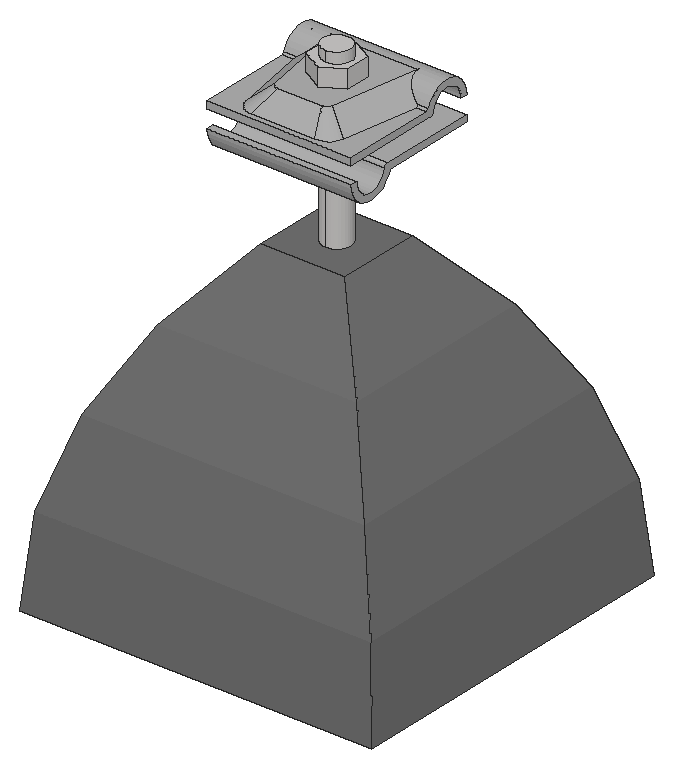
Revit family "DF_ДержательЗажим_Пруток-Пруток_Оцинк_СБетоном_71915_EZETEK", category Соединительные детали воздуховодов, Revit 2017
Family settings
  Размер круглого соединителя = Использовать радиус
  Тип детали = Крестовина
  На основе рабочей плоскости = Нет
  Всегда вертикально = Да
  При загрузке вырезать с полостями = Нет
  Общий = Нет
Parameters (values of type "ДержательЗажим_Пруток-Пруток_Оцинк_СБетоном_71915")
  Угол = 90.00°  # constant formula
  Тип = FA_ДержательЗажим_Пруток-Пруток_Оцинк_СБетоном_71915_EZETEK : ДержательЗажим_Пруток-Пруток_Оцинк_СБетоном_71915
  СфераОшибки [instance] = or(ADSK_Размер_Радиус > 5.0 mm, ADSK_Размер_Радиус < 4.0 mm)  # no
  Смещение_Коннекторы_По горизонтали [instance] = if(Графика_Сместить_ПоГоризонтали, 13.5 mm, 0.0 mm)  # 13.5 mm
  Смещение_Коннекторы_По вертикали [instance] = if(Графика_Сместить_ПоВертикали, 2.5 mm, 0.0 mm)  # 2.5 mm
  Смещение_Коннекторы_Длина [instance] = if(Графика_Сместить_ПоДлине, 50.0 mm, 1.0 mm)  # 50.0 mm
  Предупреждение [instance] = if(СфераОшибки, "Допустимые диаметры стержней: 8, 10", "")  # ""
  Описание = "Держатель-зажим применяется для закрепления прутков молниезащитной сетки диаметром 8-10 мм на плоских кровлях. Изделие выполнено на основе бетонного утяжелителя массой 1 кг. Проводники надежно закрепляются на кровле под собственным весом утяжелителя. В состав изделия входит зажим из оцинкованной стали для соединения прутка в перпендикулярном направлении, в параллельном направлении, а также под произвольным углом с помощью болтового соединения. Для крепления изделия возможно применение клеевых составов (жидкие гвозди и т.п.)."  # constant formula
  Производитель_Контакты = "ezetek@ezetek.ru"  # constant formula
  built-in parameter 1114242 [instance] = 1 = 0  # (empty or 0)
  Изготовитель = "Ezetek"  # constant formula
  Группа модели = "Держатели"  # constant formula
  Графика_Сместить_ПоДлине [instance] = yes
  Графика_Сместить_ПоГоризонтали [instance] = yes
  Графика_Сместить_ПоВертикали [instance] = yes
  URL = "https://ezetek.ru/"
  R_Error [instance] = 1.0 mm  # constant formula
  R [instance] = if(ADSK_Размер_Радиус > 5.0 mm, 5.0 mm, if(ADSK_Размер_Радиус < 4.0 mm, 4.0 mm, R_Error))  # 1.0 mm
  ADSK_Этаж [instance] = ""
  ADSK_Размер_Радиус [instance] = 5.0 mm
  ADSK_Размер_Диаметр [instance] = ADSK_Размер_Радиус * 2  # 10.0 mm
  ADSK_Примечание [instance] = "Неспецифицируемое"  # constant formula
  ADSK_Позиция [instance] = "Неспецифицируемое"  # constant formula
  ADSK_Обозначение = "Неспецифицируемое"  # constant formula
  ADSK_Наименование краткое [instance] = "Неспецифицируемое"  # constant formula
  ADSK_Наименование = "Неспецифицируемое"  # constant formula
  ADSK_Материал = BIMLIB_Сталь_Оцинкованная_EZETEK
  ADSK_Масса_Текст = "Неспецифицируемое"  # constant formula
  ADSK_Масса = 0  # constant formula
  ADSK_Марка = "Неспецифицируемое"  # constant formula
  ADSK_Количество = 0  # constant formula
  ADSK_Код изделия = "Неспецифицируемое"  # constant formula
  ADSK_Завод-изготовитель = "Неспецифицируемое"  # constant formula
  ADSK_Единица измерения = "Неспецифицируемое"  # constant formula
  ADSK_Группирование [instance] = ""
  ADSK_Версия Revit = "2017"  # constant formula
Reference planes
  plane 1 "По центру (Вперед/Назад)": y = 0
  plane 2: z = 0
  plane 3 "По центру (Влево/Вправо)": x = 0
  plane 4 "в": z = 2.5
  plane 5 "н": z = -2.5
  plane 6: y = 13.5
  plane 7: y = -13.5
Forms (mm)
  Revolve 1, solid, visible <- "СфераОшибки"
    sketch origin (0, 0, 0) x (1, 0, 0) y (0, 1, 0)
      loop
        arc (1, 0) -> (0, 1) -> (-1, 0) r 1
        line (-1, 0) -> (1, 0)
      axis (1, 0) -> (-1, 0)
    angle from 0 to 360
Lines and regions (mm)
  reference lines
    curve 1: line (50, 13.5, 2.5) -> (-1.016, 13.5, 2.5)
    curve 2: line (1.016, -13.5, -2.5) -> (-50, -13.5, -2.5)
Dimensions and locks
  "Смещение_Коннекторы_По вертикали": plane 2 to plane 5 "н"
  "Смещение_Коннекторы_По вертикали": plane 4 "в" to plane 2
  curve 1 to curve 1 = 0.0 mm
  curve 2 to curve 2 = 0.0 mm
  "Смещение_Коннекторы_По горизонтали": plane 6 to plane 1 "По центру (Вперед/Назад)"
  "Смещение_Коннекторы_По горизонтали": plane 7 to plane 1 "По центру (Вперед/Назад)"
  locked: curve 1 to plane 3 "По центру (Влево/Вправо)" at 1.016
  "Смещение_Коннекторы_Длина": plane 3 "По центру (Влево/Вправо)" to curve 1
  "Смещение_Коннекторы_Длина": curve 2 to plane 3 "По центру (Влево/Вправо)"
  locked: plane 3 "По центру (Влево/Вправо)" to curve 2 at 1.016
  "R_Error": radius of Revolve 1 sketch curve
  aligned and locked: level to plane 2
  aligned and locked: plane 1 "По центру (Вперед/Назад)" to Revolve 1 sketch curve  (x2)
  aligned and locked: curve 1 to plane 4 "в"
  aligned and locked: curve 1 to plane 6
  aligned and locked: curve 2 to plane 7
Automatic sketch dimensions
  plane 1 "По центру (Вперед/Назад)" to Revolve 1 sketch curve = 0.0 mm
  Revolve 1 sketch curve to plane 3 "По центру (Влево/Вправо)" = 0.0 mm
  Revolve 1 sketch curve to Revolve 1 sketch curve = 0.294 mm
  Revolve 1 sketch curve to Revolve 1 sketch curve = 5.119 mm
Nested families
  nested 1: "FA_ДержательЗажим_Пруток-Пруток_Оцинк_СБетоном_71915_EZETEK" at (0, 0, 0) x (0, 1, 0) z (0, 0, 1), ADSK_Группирование <- "ADSK_Группирование", ADSK_Этаж <- "ADSK_Этаж", type <- "Тип", type "ДержательЗажим_Пруток-Пруток_Оцинк_СБетоном_71915", detail levels fine
    with Использовать масштаб аннотаций 0, ADSK_Этаж "", ADSK_Примечание "", ADSK_Позиция "", ADSK_Наименование краткое "Держатель-зажим с бетоном", ADSK_Группирование ""
Connectors
  hvac at (50, 13.5, 2.5), driven by "ADSK_Размер_Радиус"
    settings: on curve 1, index 1, duct flow 0.0 L/s, flow factor 0, pres drop 0.0 Pa, loss coef 0, conn angle 0.00°, conn width 304.8 mm, conn height 304.8 mm, conn diameter 10 mm, duct sys type 1, conn prof type 0, flow config 0, flow direction 0, loss method 0, conn ref index 2, conn util no, is conn primary yes, conn desc ""
  hvac at (-50, -13.5, -2.5), driven by "ADSK_Размер_Радиус"
    settings: on curve 2, index 2, duct flow 0.0 L/s, flow factor 0, pres drop 0.0 Pa, loss coef 0, conn angle 0.00°, conn width 304.8 mm, conn height 304.8 mm, conn diameter 10 mm, duct sys type 1, conn prof type 0, flow config 0, flow direction 0, loss method 0, conn ref index 1, conn util no, is conn primary no, conn desc ""
Definition of nested family "FA_ДержательЗажим_Пруток-Пруток_Оцинк_СБетоном_71915_EZETEK"
  Parameters (values of type "ДержательЗажим_Пруток-Пруток_Оцинк_СБетоном_71915")
    Угол = 90.00°  # constant formula
    Производитель_Контакты = "ezetek@ezetek.ru"  # constant formula
    Description = "Держатель-зажим применяется для закрепления прутков молниезащитной сетки диаметром 8-10 мм на плоских кровлях. Изделие выполнено на основе бетонного утяжелителя массой 1 кг. Проводники надежно закрепляются на кровле под собственным весом утяжелителя. В состав изделия входит зажим из оцинкованной стали для соединения прутка в перпендикулярном направлении, в параллельном направлении, а также под произвольным углом с помощью болтового соединения. Для крепления изделия возможно применение клеевых составов (жидкие гвозди и т.п.)."  # constant formula
    Использовать масштаб аннотаций [instance] = 1 = 0  # 0
    Manufacturer = "Ezetek"  # constant formula
    Model = "Держатели"  # constant formula
    URL = "https://ezetek.ru/"
    ADSK_Этаж [instance] = ""
    ADSK_Примечание [instance] = ""
    ADSK_Позиция [instance] = ""
    ADSK_Обозначение = "71925"
    ADSK_Наименование краткое [instance] = "Держатель-зажим с бетоном"
    ADSK_Наименование = "Держатель-зажим соединительный круглого проводника 8-10 мм, оцинк. с бетоном 3.5 кг"
    ADSK_Материал = none
    ADSK_Масса_Текст = "1.08"  # constant formula
    ADSK_Масса = 1.08  # constant formula
    ADSK_Марка = "71925"
    ADSK_Количество = 1  # constant formula
    ADSK_Код изделия = "71925"
    ADSK_Завод-изготовитель = "Ezetek"  # constant formula
    ADSK_Единица измерения = "шт."  # constant formula
    ADSK_Группирование [instance] = ""
    ADSK_Версия Revit = "2017"  # constant formula
  Reference planes
    plane 1 "По центру (Вперед/Назад)": y = 0
    plane 2: z = 0
    plane 3 "По центру (Влево/Вправо)": x = 0
    plane 4: z = 2.5
    plane 5: z = -2.5
    plane 6: y = 20.5
    plane 7: y = -20.5
    plane 8: z = 14.471
    plane 9: x = -20.5
    plane 10: x = 20.5
    plane 11: y = 50
    plane 12: y = -50
    plane 13: x = -50
    plane 14: x = 50
    plane 15: z = -122.665
  Forms (mm)
    Extrusion 1, solid, detail levels fine
      sketch origin (0, 0, 0) x (1, 0, 0) y (0, 1, 0)
        loop
          circle (0, 0) r 4
      from 17.335 to -32.707
    Extrusion 2, solid, detail levels fine
      sketch origin (52, 0, 6.471) x (1, 0, 0) y (0, 1, 0)
        loop
          line (-55.454, 5.982) -> (-58.907, 0) -> (-55.454, -5.982) -> (-48.546, -5.982) -> (-45.093, 0) -> (-48.546, 5.982) -> (-55.454, 5.982)
      from 3 to 8
    Blend 3, solid, material <- "ADSK_Материал", detail levels fine
      base sketch origin (-0.018, 0, 2.958) x (0, -1, 0) y (1, 0, 0)
        loop
          line (-17.873, 7.607) -> (-13.913, -14.85)
          arc (-13.913, -14.85) -> (-12.203, -17.812) -> (-8.989, -18.982) r 5
          line (-8.989, -18.982) -> (8.989, -18.982)
          arc (8.989, -18.982) -> (12.203, -17.812) -> (13.913, -14.85) r 5
          line (13.913, -14.85) -> (17.873, 7.607) -> (-17.873, 7.607)
      top sketch origin (-0.018, 0, 2.958) x (0, -1, 0) y (1, 0, 0)
        loop
          line (-12.582, 13.458) -> (-8.166, -11.582)
          arc (-8.166, -11.582) -> (-7.488, -12.757) -> (-6.214, -13.221) r 1.983
          line (-6.214, -13.221) -> (6.185, -13.221)
          arc (6.185, -13.221) -> (7.482, -12.749) -> (8.171, -11.554) r 2.017
          line (8.171, -11.554) -> (12.582, 13.458) -> (-12.582, 13.458)
      from 1.542 to 6.514
    Blend 4, solid, material <- "ADSK_Материал", detail levels fine
      base sketch origin (0.032, -0.06, -2.958) x (-1, 0, 0) y (0, -1, 0)
        loop
          line (7.777, 17.841) -> (-14.837, 13.853)
          arc (-14.837, 13.853) -> (-17.799, 12.143) -> (-18.969, 8.929) r 5
          line (-18.969, 8.929) -> (-18.969, -9.049)
          arc (-18.969, -9.049) -> (-17.799, -12.262) -> (-14.837, -13.973) r 5
          line (-14.837, -13.973) -> (7.777, -17.96) -> (7.777, 17.841)
      top sketch origin (0.032, -0.06, -2.958) x (-1, 0, 0) y (0, -1, 0)
        loop
          line (-11.673, -8.053) -> (13.339, -12.463) -> (13.339, 12.7) -> (-11.701, 8.285)
          arc (-11.701, 8.285) -> (-12.875, 7.607) -> (-13.339, 6.332) r 1.983
          line (-13.339, 6.332) -> (-13.339, -6.067)
          arc (-13.339, -6.067) -> (-12.867, -7.363) -> (-11.673, -8.053) r 2.017
      from -1.542 to -6.516
    Extrusion 5, solid, material <- "ADSK_Материал", detail levels fine
      sketch origin (0, 0, 0) x (1, 0, 0) y (0, 0, 1)
        loop
          arc (7.512, 2.5) -> (8.187, 2.746) -> (8.546, 3.367) r 1.049
          arc (8.546, 3.367) -> (13.905, 7.481) -> (18.47, 2.5) r 5
          line (18.47, 2.5) -> (20.47, 2.5)
          arc (20.47, 2.5) -> (14.706, 9.39) -> (6.907, 4.934) r 7
          arc (6.907, 4.934) -> (6.663, 4.619) -> (6.283, 4.5) r 0.665
          line (6.283, 4.5) -> (-20.5, 4.5) -> (-20.5, 2.5) -> (7.512, 2.5)
        loop
          arc (-7.542, -2.5) -> (-8.217, -2.746) -> (-8.576, -3.367) r 1.049
          arc (-8.576, -3.367) -> (-13.935, -7.481) -> (-18.5, -2.5) r 5
          line (-18.5, -2.5) -> (-20.5, -2.5)
          arc (-20.5, -2.5) -> (-14.736, -9.39) -> (-6.937, -4.934) r 7
          arc (-6.937, -4.934) -> (-6.693, -4.619) -> (-6.313, -4.5) r 0.665
          line (-6.313, -4.5) -> (20.47, -4.5) -> (20.47, -2.5) -> (-7.542, -2.5)
      from 20.5 to -20.5
    Sweep 6, solid, detail levels fine
      path origin (-94.456, 0, -122.665) x (0, 1, 0) y (-1, 0, 0)
        loop
          line (50, -44.456) -> (-50, -44.456) -> (-50, -144.456) -> (50, -144.456) -> (50, -44.456)
      profile origin (0, 50, -122.665) x (0, 1, 0) y (0, 0, 1)
        loop
          line (-48, 89.958) -> (-48, 0) -> (0, 0)
          arc (0, 0) -> (-9.711, 48.903) -> (-38, 89.958) r 123.261
          line (-38, 89.958) -> (-48, 89.958)
  Dimensions and locks
    locked: Extrusion 5 sketch curve to Extrusion 5 sketch curve at 2  (x2)
    Extrusion 5 to Extrusion 5 = 40.97 mm
    equal spacing: plane 4, plane 2, plane 5
    locked: plane 4 to plane 5 at 5
    equal spacing: plane 6, plane 1 "По центру (Вперед/Назад)", plane 7  (x2)
    plane 7 to plane 6 = 41.0 mm
    locked: Extrusion 5 to Extrusion 5 at 40.97
    plane 7 to plane 1 "По центру (Вперед/Назад)" = 20.5 mm
    equal spacing: plane 10, plane 3 "По центру (Влево/Вправо)", plane 9
    equal spacing: plane 13, plane 3 "По центру (Влево/Вправо)", plane 14
    plane 3 "По центру (Влево/Вправо)" to plane 14 = 50.0 mm
    equal spacing: plane 12, plane 1 "По центру (Вперед/Назад)", plane 11
    plane 12 to plane 1 "По центру (Вперед/Назад)" = 50.0 mm
    plane 4 to plane 15 = 125.165 mm
    Extrusion 1 to plane 15 = 140.0 mm
    Extrusion 1 to plane 15 = 89.958 mm
    aligned and locked: level to plane 2
    aligned and locked: plane 6 to Extrusion 5
    aligned and locked: plane 7 to Extrusion 5
    aligned and locked: plane 11 to Sweep 6 sketch curve
    aligned and locked: Sweep 6 sketch curve to plane 13
    aligned and locked: plane 12 to Sweep 6 sketch curve
    aligned and locked: Sweep 6 sketch curve to plane 14
  Automatic sketch dimensions
    plane 1 "По центру (Вперед/Назад)" to Extrusion 1 sketch curve = 0.0 mm
    Extrusion 1 sketch curve to plane 3 "По центру (Влево/Вправо)" = 0.0 mm
    plane 1 "По центру (Вперед/Назад)" to Extrusion 2 sketch curve = 0.0 mm  (x2)
    Extrusion 2 sketch curve to plane 3 "По центру (Влево/Вправо)" = 6.907 mm
    Extrusion 2 sketch curve to plane 3 "По центру (Влево/Вправо)" = 3.454 mm  (x2)
    plane 3 "По центру (Влево/Вправо)" to Extrusion 2 sketch curve = 3.454 mm  (x2)
    Extrusion 2 sketch curve to Extrusion 2 sketch curve = 3.454 mm
    plane 1 "По центру (Вперед/Назад)" to Extrusion 2 sketch curve = 5.982 mm
    Extrusion 2 sketch curve to plane 1 "По центру (Вперед/Назад)" = 5.982 mm
    Blend 3 sketch curve to plane 6 = 2.627 mm
    Blend 3 sketch curve to plane 6 = 6.587 mm
    Blend 3 sketch curve to Blend 3 sketch curve = 4.924 mm  (x2)
    plane 9 to Blend 3 sketch curve = 1.5 mm
    plane 1 "По центру (Вперед/Назад)" to Blend 3 sketch curve = 8.989 mm
    Blend 3 sketch curve to plane 7 = 2.627 mm
    plane 9 to Blend 3 sketch curve = 5.632 mm  (x2)
    plane 3 "По центру (Влево/Вправо)" to Blend 3 sketch curve = 7.59 mm
    Blend 3 sketch curve to plane 6 = 7.918 mm
    Blend 3 sketch curve to plane 1 "По центру (Вперед/Назад)" = 8.166 mm
    Blend 3 sketch curve to Blend 3 sketch curve = 1.953 mm
    plane 1 "По центру (Вперед/Назад)" to Blend 3 sketch curve = 6.185 mm
    Blend 3 sketch curve to Blend 3 sketch curve = 1.986 mm
    Blend 3 sketch curve to plane 7 = 7.918 mm
    plane 9 to Blend 3 sketch curve = 7.261 mm
    Blend 3 sketch curve to Blend 3 sketch curve = 1.639 mm
    Blend 3 sketch curve to Blend 3 sketch curve = 1.667 mm
    plane 10 to Blend 3 sketch curve = 7.06 mm
    plane 10 to Blend 4 sketch curve = 1.5 mm
    plane 10 to Blend 4 sketch curve = 5.631 mm  (x2)
    Blend 4 sketch curve to Blend 4 sketch curve = 0.868 mm  (x2)
    Blend 4 sketch curve to plane 6 = 2.6 mm
    Blend 4 sketch curve to plane 3 "По центру (Влево/Вправо)" = 7.745 mm
    Blend 4 sketch curve to plane 6 = 6.587 mm
    plane 1 "По центру (Вперед/Назад)" to Blend 4 sketch curve = 8.989 mm
    Blend 4 sketch curve to plane 7 = 2.6 mm
    plane 10 to Blend 4 sketch curve = 7.129 mm
    Blend 4 sketch curve to Blend 4 sketch curve = 1.639 mm
    Blend 4 sketch curve to Blend 4 sketch curve = 1.667 mm
    Blend 4 sketch curve to Blend 4 sketch curve = 0.344 mm
    Blend 4 sketch curve to Blend 4 sketch curve = 2.017 mm
    plane 9 to Blend 4 sketch curve = 7.193 mm
    Blend 4 sketch curve to plane 6 = 8.097 mm
    Blend 4 sketch curve to plane 1 "По центру (Вперед/Назад)" = 7.993 mm
    plane 1 "По центру (Вперед/Назад)" to Blend 4 sketch curve = 6.392 mm
    Blend 4 sketch curve to plane 7 = 7.74 mm
    Extrusion 5 sketch curve to Extrusion 5 sketch curve = 0.0 mm  (x4)
    Extrusion 5 sketch curve to plane 4 = 0.0 mm  (x2)
    Extrusion 5 sketch curve to plane 9 = 0.0 mm  (x2)
    Extrusion 5 sketch curve to plane 5 = 0.0 mm  (x2)
    Extrusion 5 sketch curve to Extrusion 5 sketch curve = 2.0 mm
    Extrusion 5 sketch curve to Extrusion 5 sketch curve = 5.0 mm
    Extrusion 5 sketch curve to plane 5 = 1.049 mm
    Extrusion 5 sketch curve to Extrusion 5 sketch curve = 5.958 mm  (x2)
    Extrusion 5 sketch curve to Extrusion 5 sketch curve = 1.229 mm  (x2)
    plane 3 "По центру (Влево/Вправо)" to Extrusion 5 sketch curve = 6.283 mm
    plane 10 to Extrusion 5 sketch curve = 2.03 mm
    plane 10 to Extrusion 5 sketch curve = 0.03 mm  (x2)
    Extrusion 5 sketch curve to Extrusion 5 sketch curve = 0.665 mm  (x2)
    Extrusion 5 sketch curve to plane 4 = 1.049 mm
    plane 15 to Sweep 6 sketch curve = 0.0 mm
    Sweep 6 sketch curve to profile plane = 0.0 mm
    profile plane to Sweep 6 sketch curve = 48.0 mm
    Sweep 6 sketch curve to plane 15 = 0.939 mm
    Sweep 6 sketch curve to Sweep 6 sketch curve = 75.257 mm
    Sweep 6 sketch curve to Sweep 6 sketch curve = 10.0 mm
    radius of Extrusion 1 sketch curve = 4.0 mm
